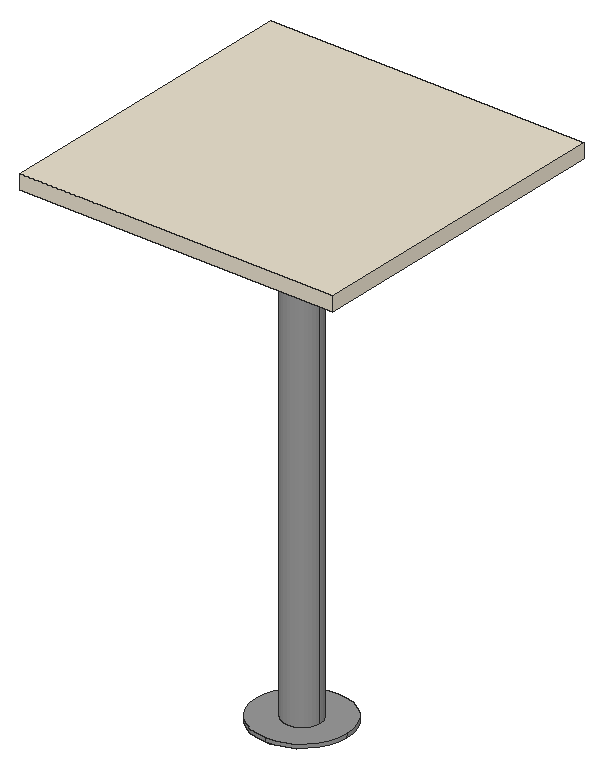
Revit family "FU_Table_Sandler_577AF-XT", category Furniture, Revit 2020
Family settings
  OmniClass Number = 23.40.20.00
  OmniClass Title = General Furniture and Specialties
  Work Plane-Based = No
  Always vertical = Yes
  Cut with Voids When Loaded = No
  Shared = No
  Room Calculation Point = No
Parameters (values of type "577AF XT - 28" Square Top (70cm)")
  Width = 203 mm
  URL = "https://www.sandlerseating.com/product/art-577af/"
  Top Type = FU_TableTops_MT Sqr : 28" Square (70cm)
  Top Elevation = Height  # 1100 mm
  Top Finish [instance] = Wood - Beech - Grey Stained
  Model = "577AF XT"
  Manufacturer = "Sandler"
  Height = 1100 mm
  Frame Finish [instance] = Metal - Steel - Polished
  Description = "Floor fixed high table base."
  Depth = Width  # 203 mm
  Default Elevation = 0 mm
Types (5, lengths in mm): name | Top Type | Frame Finish
  (no name) | FU_TableTops_MT Sqr : 28" Square (70cm) | Metal - Steel - Polished
  577AF XT - 24" Round Top (60cm) | FU_TableTops_MT Rnd : 24" Round (60cm) | Metal - Steel - Matt-Satin
  577AF XT - 28" Round Top (70cm) | FU_TableTops_MT Rnd : 28" Round (70cm) | Metal - Steel - Matt-Satin
  577AF XT - 24" Square Top (60cm) | FU_TableTops_MT Sqr : 24" Square (60cm) | Metal - Steel - Polished
  577AF XT - 28" Square Top (70cm) | FU_TableTops_MT Sqr : 28" Square (70cm) | Metal - Steel - Polished
Reference planes
  plane 1 "Center (Front/Back)": y = 0
  plane 2: z = 0
  plane 3 "Center (Left/Right)": x = 0
  plane 4 "Right": x = -101.5
  plane 5 "Left": x = 101.5
  plane 6 "Back": y = 101.5
  plane 7 "Front": y = -101.5
  plane 8 "Height": z = 1100
  plane 9 "Top Support": z = 1080
  plane 10 "Glide Height": z = 6
  plane 11 "Base height": z = 14
  plane 12 "R Pad C": x = -85.5
  plane 13 "B Pad C": y = 85.5
  plane 14 "L Pad C": x = 85.5
  plane 15 "F Pad C": y = -85.5
Forms (mm)
  Extrusion 1, solid, material "Metal - Steel - Polished" <- "Frame Finish"
    sketch origin (0, 0, 6) x (-1, 0, 0) y (0, -1, 0)
      loop
        arc (101.5, 0) -> (71.771, 71.771) -> (0, 101.5) r 101.5
        arc (0, 101.5) -> (-71.771, 71.771) -> (-101.5, 0) r 101.5
        arc (-101.5, 0) -> (-71.771, -71.771) -> (0, -101.5) r 101.5
        arc (0, -101.5) -> (71.771, -71.771) -> (101.5, 0) r 101.5
    from 0 to 8
  Revolve 2, solid, material "Rubber, Black"
    sketch origin (0, 0, 0) x (1, 0, 0) y (0, 0, 1)
      loop
        line (-85.5, 0) -> (-85.5, 6) -> (-93.5, 6) -> (-93.5, 2)
        arc (-93.5, 2) -> (-92.914, 0.586) -> (-91.5, 0) r 2
        line (-91.5, 0) -> (-85.5, 0)
      axis (-85.5, 6) -> (-85.5, 0)
    angle from 0 to 360
  Revolve 3, solid, material "Rubber, Black"
    sketch origin (0, 0, 0) x (-1, 0, 0) y (0, 0, 1)
      loop
        line (-85.5, 0) -> (-85.5, 6) -> (-93.5, 6) -> (-93.5, 2)
        arc (-93.5, 2) -> (-92.914, 0.586) -> (-91.5, 0) r 2
        line (-91.5, 0) -> (-85.5, 0)
      axis (-85.5, 6) -> (-85.5, 0)
    angle from 0 to 360
  Revolve 4, solid, material "Rubber, Black"
    sketch origin (0, 0, 0) x (0, 1, 0) y (0, 0, 1)
      loop
        line (-85.5, 6) -> (-93.5, 6) -> (-93.5, 2)
        arc (-93.5, 2) -> (-92.914, 0.586) -> (-91.5, 0) r 2
        line (-91.5, 0) -> (-85.5, 0) -> (-85.5, 6)
      axis (-85.5, 6) -> (-85.5, 0)
    angle from 0 to 360
  Revolve 5, solid, material "Rubber, Black"
    sketch origin (0, 0, 0) x (0, -1, 0) y (0, 0, 1)
      loop
        line (-85.5, 6) -> (-93.5, 6) -> (-93.5, 2)
        arc (-93.5, 2) -> (-92.914, 0.586) -> (-91.5, 0) r 2
        line (-91.5, 0) -> (-85.5, 0) -> (-85.5, 6)
      axis (-85.5, 6) -> (-85.5, 0)
    angle from 0 to 360
  Extrusion 6, solid, material "Metal - Steel - Polished" <- "Frame Finish"
    sketch origin (0, 0, 6) x (-1, 0, 0) y (0, -1, 0)
      loop
        circle (0, 0) r 40
    from 0 to 1074
Dimensions and locks
  equal spacing: plane 4 "Right", plane 3 "Center (Left/Right)", plane 5 "Left"
  "Width": plane 4 "Right" to plane 5 "Left"
  equal spacing: plane 6 "Back", plane 1 "Center (Front/Back)", plane 7 "Front"
  "Depth": plane 6 "Back" to plane 7 "Front"
  "Height": plane 8 "Height" to level
  locked: plane 8 "Height" to plane 9 "Top Support" at 20
  locked: plane 4 "Right" to plane 12 "R Pad C" at 16
  plane 14 "L Pad C" to plane 5 "Left" = 16 mm
  locked: plane 6 "Back" to plane 13 "B Pad C" at 16
  locked: plane 15 "F Pad C" to plane 7 "Front" at 16
  aligned and locked: level to plane 2
  aligned and locked: plane 11 "Base height" to Extrusion 1
  aligned and locked: Extrusion 1 to plane 11 "Base height"  (x3)
  aligned and locked: plane 8 "Height" to nested 1
  aligned and locked: Extrusion 6 to plane 10 "Glide Height"
  aligned and locked: plane 9 "Top Support" to Extrusion 6
Automatic sketch dimensions
  Extrusion 1 sketch curve to Extrusion 1 sketch curve = 0 mm  (x12)
  plane 1 "Center (Front/Back)" to Extrusion 1 sketch curve = 0 mm
  Extrusion 1 sketch curve to plane 5 "Left" = 0 mm
  Extrusion 1 sketch curve to plane 3 "Center (Left/Right)" = 0 mm  (x3)
  Revolve 2 sketch curve to plane 10 "Glide Height" = 0 mm
  Revolve 2 sketch curve to level = 0 mm
  plane 12 "R Pad C" to Revolve 2 sketch curve = 0 mm  (x2)
  Revolve 2 sketch curve to Revolve 2 sketch curve = 6 mm
  Revolve 2 sketch curve to Revolve 2 sketch curve = 2 mm
  Revolve 2 sketch curve to level = 10.049 mm
  Revolve 2 sketch curve to plane 11 "Base height" = 2.095 mm
  Revolve 3 sketch curve to plane 10 "Glide Height" = 0 mm
  Revolve 3 sketch curve to level = 0 mm
  Revolve 3 sketch curve to plane 14 "L Pad C" = 0 mm  (x2)
  Revolve 3 sketch curve to Revolve 3 sketch curve = 6 mm
  Revolve 3 sketch curve to Revolve 3 sketch curve = 2 mm
  level to Revolve 3 sketch curve = 10.049 mm
  plane 11 "Base height" to Revolve 3 sketch curve = 2.095 mm
  Revolve 4 sketch curve to plane 10 "Glide Height" = 0 mm
  Revolve 4 sketch curve to level = 0 mm
  Revolve 4 sketch curve to plane 15 "F Pad C" = 0 mm  (x2)
  level to Revolve 4 sketch curve = 2 mm
  plane 15 "F Pad C" to Revolve 4 sketch curve = 6 mm
  Revolve 4 sketch curve to level = 5.787 mm
  Revolve 4 sketch curve to plane 11 "Base height" = 1.201 mm
  Revolve 5 sketch curve to plane 10 "Glide Height" = 0 mm
  Revolve 5 sketch curve to level = 0 mm
  Revolve 5 sketch curve to plane 13 "B Pad C" = 0 mm  (x2)
  Revolve 5 sketch curve to level = 2 mm
  Revolve 5 sketch curve to plane 13 "B Pad C" = 6 mm
  Revolve 5 sketch curve to Revolve 5 sketch curve = 5.787 mm
  plane 11 "Base height" to Revolve 5 sketch curve = 1.201 mm
  plane 1 "Center (Front/Back)" to Extrusion 6 sketch curve = 0 mm
  Extrusion 6 sketch curve to plane 3 "Center (Left/Right)" = 0 mm
  radius of Extrusion 6 sketch curve = 40 mm
Nested families
  nested 1: "MT Top Support" at (0, 0, 380), Frame Finish <- "Frame Finish", type "MT Top Support"
    with Frame Finish Metal - Steel - Polished
  nested 2: "FU_TableTops_MT Sqr" at (0, 0, 0), Top Elevation <- "Top Elevation", Top Finish <- "Top Finish", type <- "Top Type", type "28" Square (70cm)"
    with Top Finish Wood - Beech - Grey Stained, Top Elevation 1100 mm
Definition of nested family "MT Top Support"
  Parameters (values of type "MT Top Support")
    Frame Finish [instance] = none
    Default Elevation = 0 mm
  Reference planes
    plane 1 "Center (Front/Back)": y = 0
    plane 2: z = 0
    plane 3 "Center (Left/Right)": x = 0
    plane 4 "Right": x = -210
    plane 5 "Left": x = 210
    plane 6 "Back": y = 210
    plane 7 "Front": y = -210
    plane 8 "Height": z = 720
    plane 9: z = 700
  Forms (mm)
    Extrusion 1, solid, material <- "Frame Finish"
      sketch origin (0, 0, 700) x (-1, 0, 0) y (0, -1, 0)
        loop
          line (48, 44.024) -> (119.736, 115.76)
          arc (119.736, 115.76) -> (116.918, 118.6) -> (114.032, 121.37) r 166.741
          line (114.032, 121.37) -> (40.38, 47.718) -> (-40.38, 47.718) -> (-114.032, 121.37)
          arc (-114.032, 121.37) -> (-116.918, 118.6) -> (-119.736, 115.76) r 166.741
          line (-119.736, 115.76) -> (-48, 44.024) -> (-48, -44.024) -> (-120.014, -116.038)
          arc (-120.014, -116.038) -> (-117.202, -118.884) -> (-114.323, -121.661) r 166.741
          line (-114.323, -121.661) -> (-40.944, -48.282) -> (40.944, -48.282) -> (114.323, -121.661)
          arc (114.323, -121.661) -> (117.202, -118.884) -> (120.014, -116.038) r 166.741
          line (120.014, -116.038) -> (48, -44.024) -> (48, 44.024)
      from 0 to 15
    Extrusion 2, solid, material <- "Frame Finish"
      sketch origin (0, 0, 720) x (-1, 0, 0) y (0, -1, 0)
        loop
          arc (48, 9.198) -> (50.194, 20.46) -> (56.455, 30.074) r 30
          line (56.455, 30.074) -> (155.027, 131.809)
          arc (155.027, 131.809) -> (157.282, 137.439) -> (154.939, 143.033) r 8
          line (154.939, 143.033) -> (142.122, 155.85)
          arc (142.122, 155.85) -> (136.465, 158.193) -> (130.808, 155.85) r 8
          line (130.808, 155.85) -> (32.027, 57.069)
          arc (32.027, 57.069) -> (22.294, 50.566) -> (10.814, 48.282) r 30
          line (10.814, 48.282) -> (-10.814, 48.282)
          arc (-10.814, 48.282) -> (-22.294, 50.566) -> (-32.027, 57.069) r 30
          line (-32.027, 57.069) -> (-130.808, 155.85)
          arc (-130.808, 155.85) -> (-136.465, 158.193) -> (-142.122, 155.85) r 8
          line (-142.122, 155.85) -> (-154.939, 143.033)
          arc (-154.939, 143.033) -> (-157.282, 137.439) -> (-155.027, 131.809) r 8
          line (-155.027, 131.809) -> (-56.455, 30.074)
          arc (-56.455, 30.074) -> (-50.194, 20.46) -> (-48, 9.198) r 30
          line (-48, 9.198) -> (-48, -9.198)
          arc (-48, -9.198) -> (-50.194, -20.46) -> (-56.455, -30.074) r 30
          line (-56.455, -30.074) -> (-155.027, -131.809)
          arc (-155.027, -131.809) -> (-157.282, -137.439) -> (-154.939, -143.033) r 8
          line (-154.939, -143.033) -> (-142.122, -155.85)
          arc (-142.122, -155.85) -> (-136.465, -158.193) -> (-130.808, -155.85) r 8
          line (-130.808, -155.85) -> (-32.027, -57.069)
          arc (-32.027, -57.069) -> (-22.294, -50.566) -> (-10.814, -48.282) r 30
          line (-10.814, -48.282) -> (10.814, -48.282)
          arc (10.814, -48.282) -> (22.294, -50.566) -> (32.027, -57.069) r 30
          line (32.027, -57.069) -> (130.808, -155.85)
          arc (130.808, -155.85) -> (136.465, -158.193) -> (142.122, -155.85) r 8
          line (142.122, -155.85) -> (154.939, -143.033)
          arc (154.939, -143.033) -> (157.282, -137.439) -> (155.027, -131.809) r 8
          line (155.027, -131.809) -> (56.455, -30.074)
          arc (56.455, -30.074) -> (50.194, -20.46) -> (48, -9.198) r 30
          line (48, -9.198) -> (48, 9.198)
        loop
          line (-134.399, -141.055) -> (-124.502, -131.158)
          arc (-124.502, -131.158) -> (-124.502, -125.502) -> (-130.158, -125.502) r 3.999
          line (-130.158, -125.502) -> (-140.055, -135.399)
          arc (-140.055, -135.399) -> (-140, -141.001) -> (-134.399, -141.055) r 4
        loop
          arc (134.399, -141.055) -> (140, -141.001) -> (140.055, -135.399) r 4
          line (140.055, -135.399) -> (130.158, -125.502)
          arc (130.158, -125.502) -> (124.502, -125.502) -> (124.502, -131.158) r 3.999
          line (124.502, -131.158) -> (134.399, -141.055)
        loop
          arc (-134.399, 141.055) -> (-140, 141.001) -> (-140.055, 135.399) r 4
          line (-140.055, 135.399) -> (-130.158, 125.502)
          arc (-130.158, 125.502) -> (-124.502, 125.502) -> (-124.502, 131.158) r 3.999
          line (-124.502, 131.158) -> (-134.399, 141.055)
        loop
          line (134.399, 141.055) -> (124.502, 131.158)
          arc (124.502, 131.158) -> (124.502, 125.502) -> (130.158, 125.502) r 3.999
          line (130.158, 125.502) -> (140.055, 135.399)
          arc (140.055, 135.399) -> (140, 141.001) -> (134.399, 141.055) r 4
        loop
          circle (0, 0) r 7.5
      from -10 to 0
  Dimensions and locks
    equal spacing: plane 4 "Right", plane 3 "Center (Left/Right)", plane 5 "Left"
    plane 4 "Right" to plane 5 "Left" = 420 mm
    equal spacing: plane 6 "Back", plane 1 "Center (Front/Back)", plane 7 "Front"
    plane 6 "Back" to plane 7 "Front" = 420 mm
    plane 8 "Height" to level = 720 mm
    locked: plane 8 "Height" to plane 9 at 20
    aligned and locked: level to plane 2
  Automatic sketch dimensions
    plane 1 "Center (Front/Back)" to Extrusion 2 sketch curve = 0 mm
    Extrusion 2 sketch curve to plane 3 "Center (Left/Right)" = 0 mm
    plane 3 "Center (Left/Right)" to Extrusion 2 sketch curve = 10.814 mm  (x2)
    Extrusion 2 sketch curve to Extrusion 2 sketch curve = 21.213 mm  (x4)
    plane 1 "Center (Front/Back)" to Extrusion 2 sketch curve = 9.198 mm  (x2)
    plane 3 "Center (Left/Right)" to Extrusion 2 sketch curve = 48 mm
    Extrusion 2 sketch curve to plane 1 "Center (Front/Back)" = 30.074 mm  (x2)
    Extrusion 2 sketch curve to Extrusion 2 sketch curve = 8.455 mm  (x4)
    plane 1 "Center (Front/Back)" to Extrusion 2 sketch curve = 30.074 mm  (x2)
    Extrusion 2 sketch curve to plane 1 "Center (Front/Back)" = 9.198 mm  (x2)
    plane 5 "Left" to Extrusion 2 sketch curve = 85.498 mm  (x2)
    Extrusion 2 sketch curve to Extrusion 2 sketch curve = 2.828 mm  (x12)
    Extrusion 2 sketch curve to Extrusion 2 sketch curve = 6.306 mm  (x4)
    Extrusion 2 sketch curve to Extrusion 2 sketch curve = 9.897 mm  (x8)
    Extrusion 2 sketch curve to Extrusion 2 sketch curve = 5.657 mm  (x16)
    Extrusion 2 sketch curve to Extrusion 2 sketch curve = 2.773 mm  (x8)
    Extrusion 2 sketch curve to Extrusion 2 sketch curve = 2.883 mm  (x4)
    Extrusion 2 sketch curve to Extrusion 2 sketch curve = 9.227 mm  (x4)
    Extrusion 2 sketch curve to Extrusion 2 sketch curve = 5.745 mm  (x4)
    Extrusion 2 sketch curve to plane 3 "Center (Left/Right)" = 10.814 mm  (x2)
    Extrusion 2 sketch curve to plane 3 "Center (Left/Right)" = 48 mm
    Extrusion 2 sketch curve to plane 1 "Center (Front/Back)" = 48.282 mm
    Extrusion 2 sketch curve to Extrusion 2 sketch curve = 8.787 mm  (x4)
    Extrusion 2 sketch curve to plane 6 "Back" = 84.498 mm  (x2)
    Extrusion 2 sketch curve to Extrusion 2 sketch curve = 6.307 mm  (x4)
    Extrusion 2 sketch curve to Extrusion 2 sketch curve = 5.567 mm  (x4)
    Extrusion 2 sketch curve to Extrusion 2 sketch curve = 9.138 mm  (x4)
    plane 1 "Center (Front/Back)" to Extrusion 2 sketch curve = 48.282 mm
    plane 7 "Front" to Extrusion 2 sketch curve = 84.498 mm  (x2)
    Extrusion 1 sketch curve to Extrusion 1 sketch curve = 0 mm  (x12)
    Extrusion 1 sketch curve to plane 3 "Center (Left/Right)" = 0 mm
    plane 3 "Center (Left/Right)" to Extrusion 1 sketch curve = 40.38 mm
    plane 3 "Center (Left/Right)" to Extrusion 1 sketch curve = 40.944 mm
    Extrusion 1 sketch curve to Extrusion 1 sketch curve = 7.056 mm  (x2)
    plane 5 "Left" to Extrusion 1 sketch curve = 95.968 mm
    plane 5 "Left" to Extrusion 1 sketch curve = 95.677 mm
    Extrusion 1 sketch curve to Extrusion 1 sketch curve = 5.704 mm  (x2)
    Extrusion 1 sketch curve to Extrusion 1 sketch curve = 5.691 mm  (x2)
    Extrusion 1 sketch curve to plane 3 "Center (Left/Right)" = 40.38 mm
    Extrusion 1 sketch curve to plane 3 "Center (Left/Right)" = 40.944 mm
    Extrusion 1 sketch curve to plane 6 "Back" = 88.339 mm  (x2)
    Extrusion 1 sketch curve to Extrusion 1 sketch curve = 5.623 mm
    Extrusion 1 sketch curve to plane 1 "Center (Front/Back)" = 48.282 mm
    Extrusion 1 sketch curve to Extrusion 1 sketch curve = 4.258 mm  (x2)
    plane 1 "Center (Front/Back)" to Extrusion 1 sketch curve = 44.024 mm  (x2)
    Extrusion 1 sketch curve to Extrusion 1 sketch curve = 3.693 mm
    plane 7 "Front" to Extrusion 1 sketch curve = 94.24 mm  (x2)
    Extrusion 1 sketch curve to plane 4 "Right" = 95.968 mm
    Extrusion 1 sketch curve to plane 4 "Right" = 95.677 mm
    Extrusion 2 sketch curve to plane 4 "Right" = 85.498 mm  (x2)
    radius of Extrusion 2 sketch curve = 7.5 mm
Definition of nested family "FU_TableTops_MT Sqr"
  Parameters (values of type "24x48" Top (60x120cm)")
    Width = 1200 mm
    Top Finish [instance] = none
    Top Elevation [instance] = 1100 mm
    Depth = 600 mm
    Default Elevation = 0 mm
  Types (16, lengths in mm): name | Width | Depth
    28x48" Top (70x120cm) | 1200 | 700
    28x52" Top (70x130cm) | 1300 | 700
    32x48" Top (80x120cm) | 1200 | 800
    32x52" Top (80x130cm) | 1300 | 800
    28x55" Top (70x140cm) | 1400 | 700
    32x55" Top (80x140cm) | 1400 | 800
    24" Square (60cm) | 600 | 600
    28" Square (70cm) | 700 | 700
    32" Square (80cm) | 800 | 800
    36" Square (90cm) | 900 | 900
    40" Square (100cm) | 1000 | 1000
    44" Square (110cm) | 1100 | 1100
    28x44" Top (70x110cm) | 1100 | 700
    24x40" Top (60x100cm) | 1000 | 600
    24x44" Top (60x110cm) | 1100 | 600
    24x48" Top (60x120cm) | 1200 | 600
  Reference planes
    plane 1 "Center (Front/Back)": y = 0
    plane 2: z = 0
    plane 3 "Center (Left/Right)": x = 0
    plane 4 "Right": x = -600
    plane 5 "Left": x = 600
    plane 6 "Back": y = 300
    plane 7 "Front": y = -300
    plane 8 "Elevation": z = 1100
    plane 9 "Top Height": z = 1131.75
  Forms (mm)
    Extrusion 1, solid, material <- "Top Finish"
      sketch origin (0, 0, 1100) x (-1, 0, 0) y (0, -1, 0)
        loop
          line (600, -300) -> (600, 300) -> (-600, 300) -> (-600, -300) -> (600, -300)
      from 0 to 31.75
  Dimensions and locks
    equal spacing: plane 4 "Right", plane 3 "Center (Left/Right)", plane 5 "Left"
    "Width": plane 4 "Right" to plane 5 "Left"
    equal spacing: plane 6 "Back", plane 1 "Center (Front/Back)", plane 7 "Front"
    "Depth": plane 6 "Back" to plane 7 "Front"
    "Top Elevation": plane 8 "Elevation" to level
    locked: plane 9 "Top Height" to plane 8 "Elevation" at 31.75
    aligned and locked: level to plane 2
    aligned and locked: Extrusion 1 sketch curve to plane 6 "Back"
    aligned and locked: Extrusion 1 sketch curve to plane 4 "Right"
    aligned and locked: plane 7 "Front" to Extrusion 1 sketch curve
    aligned and locked: plane 5 "Left" to Extrusion 1 sketch curve
    aligned and locked: Extrusion 1 to plane 8 "Elevation"
    aligned and locked: plane 8 "Elevation" to Extrusion 1  (x2)
    aligned and locked: plane 9 "Top Height" to Extrusion 1
    aligned and locked: Extrusion 1 to plane 9 "Top Height"
